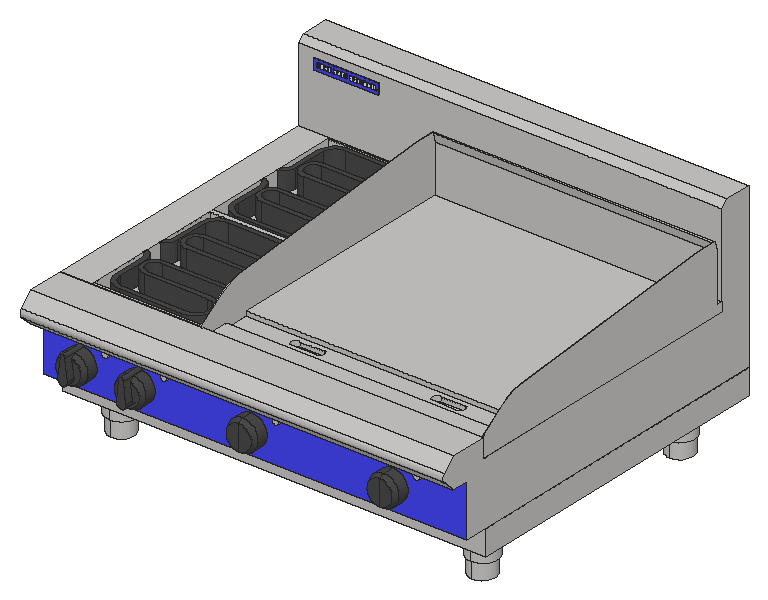
Revit family "QF_MOFFAT_BLUESEAL_CE_E516B-B", category Specialty Equipment, Revit 2012 (continued)
Definition of nested family "ELECTRIC BURNER & GRIDDLE 900"
  Definition of nested family "ELECTRIC GRIDDLE PLATE 300"
    Lines and regions (mm)
      symbolic lines
        curve 2: line (1.8, -557.737, 0) -> (598.8, -557.737, 0)
        curve 3: line (1.8, -1.68, 0) -> (598.8, -1.68, 0)
        curve 4: line (598.8, -1.68, 0) -> (598.8, -620, 0)
        curve 5: line (1.8, -620, 0) -> (1.8, -1.68, 0)
        curve 6: line (1.8, -620, 0) -> (598.8, -620, 0)
        curve 7: line (125, -514, 0) -> (175, -514, 0)
        curve 8: arc (175, -514, 0) -> (185, -524, 0) -> (175, -534, 0) r 10
        curve 9: line (175, -534, 0) -> (125, -534, 0)
        curve 10: arc (125, -534, 0) -> (115, -524, 0) -> (125, -514, 0) r 10
        curve 11: line (425, -514, 0) -> (475, -514, 0)
        curve 12: arc (475, -514, 0) -> (485, -524, 0) -> (475, -534, 0) r 10
        curve 13: line (475, -534, 0) -> (425, -534, 0)
        curve 14: arc (425, -534, 0) -> (415, -524, 0) -> (425, -514, 0) r 10
    Dimensions and locks
      equal spacing: plane 3 "LEFT", plane 7 "Center Y", plane 4 "RIGHT"
      "Width": plane 3 "LEFT" to plane 4 "RIGHT"
      equal spacing: plane 5 "FRONT", plane 8 "Center X", plane 1 "BACK"
      "Depth": plane 5 "FRONT" to plane 1 "BACK"
      locked: Extrusion 2 to Extrusion 2 at 1.2
      aligned and locked: level to plane 2
      aligned and locked: Extrusion 2 to plane 4 "RIGHT"
      aligned and locked: curve 1 to plane 11
      aligned and locked: plane 12 to curve 2
      aligned and locked: Extrusion 5 to cut or joined group of Extrusion 1, Extrusion 2, Extrusion 3, Extrusion 4, Extrusion 5
      aligned and locked: cut or joined group of Extrusion 1, Extrusion 2, Extrusion 3, Extrusion 4, Extrusion 5 to plane 4 "RIGHT"
    Automatic sketch dimensions
      plane 5 "FRONT" to curve 6 = 0.0 mm
      plane 3 "LEFT" to curve 6 = 1.8 mm
      plane 4 "RIGHT" to curve 4 = 1.2 mm
      plane 1 "BACK" to curve 3 = 1.68 mm
      Extrusion 1 sketch curve to plane 5 "FRONT" = 0.0 mm
      Extrusion 1 sketch curve to plane 6 "TOP" = 0.0 mm
      plane 12 to Extrusion 1 sketch curve = 9.566 mm
      plane 11 to Extrusion 1 sketch curve = 16.28 mm
      Extrusion 1 sketch curve to level = 2.516 mm
      plane 11 to Extrusion 1 sketch curve = 6.695 mm
      plane 1 "BACK" to Extrusion 1 sketch curve = 47.237 mm
      plane 1 "BACK" to Extrusion 1 sketch curve = 5.225 mm
      Extrusion 1 sketch curve to plane 1 "BACK" = 0.003 mm
      level to Extrusion 1 sketch curve = 0.5 mm
      Extrusion 1 sketch curve to Extrusion 1 sketch curve = 42.0 mm
      Extrusion 1 sketch curve to plane 6 "TOP" = 63.101 mm
      Extrusion 1 sketch curve to plane 6 "TOP" = 19.511 mm
      Extrusion 2 sketch curve to plane 6 "TOP" = 0.0 mm
      Extrusion 2 sketch curve to plane 5 "FRONT" = 0.0 mm
      plane 12 to Extrusion 2 sketch curve = 9.566 mm
      plane 11 to Extrusion 2 sketch curve = 16.28 mm
      Extrusion 2 sketch curve to level = 2.516 mm
      plane 11 to Extrusion 2 sketch curve = 6.695 mm
      plane 1 "BACK" to Extrusion 2 sketch curve = 47.237 mm
      plane 1 "BACK" to Extrusion 2 sketch curve = 5.225 mm
      Extrusion 2 sketch curve to plane 1 "BACK" = 0.003 mm
      level to Extrusion 2 sketch curve = 0.5 mm
      Extrusion 2 sketch curve to Extrusion 2 sketch curve = 42.0 mm
      Extrusion 2 sketch curve to plane 6 "TOP" = 63.101 mm
      Extrusion 2 sketch curve to plane 6 "TOP" = 19.511 mm
      Extrusion 3 sketch curve to plane 5 "FRONT" = 0.0 mm
      Extrusion 3 sketch curve to plane 12 = 0.0 mm
      Extrusion 3 sketch curve to plane 11 = 0.0 mm
      Extrusion 3 sketch curve to plane 1 "BACK" = 15.003 mm
      level to Extrusion 3 sketch curve = 0.5 mm
      level to Extrusion 3 sketch curve = 10.0 mm
      Extrusion 3 sketch curve to Extrusion 3 sketch curve = 10.5 mm  (x2)
      plane 1 "BACK" to Extrusion 5 sketch curve = 5.225 mm
      Extrusion 5 sketch curve to plane 1 "BACK" = 0.003 mm
      Extrusion 5 sketch curve to plane 6 "TOP" = 19.511 mm
      Extrusion 5 sketch curve to Extrusion 5 sketch curve = 1.6 mm
      Extrusion 5 sketch curve to Extrusion 5 sketch curve = 0.211 mm
      Extrusion 5 sketch curve to plane 6 "TOP" = 0.0 mm
      Extrusion 5 sketch curve to Extrusion 5 sketch curve = 1.656 mm
      level to Extrusion 5 sketch curve = 0.5 mm
      plane 11 to Extrusion 4 sketch curve = 10.75 mm  (x2)
      Extrusion 4 sketch curve to Extrusion 4 sketch curve = 10.0 mm  (x2)
      plane 3 "LEFT" to Extrusion 4 sketch curve = 125.0 mm
      Extrusion 4 sketch curve to Extrusion 4 sketch curve = 50.0 mm  (x2)
      plane 7 "Center Y" to Extrusion 4 sketch curve = 125.0 mm
      plane 11 to curve 10 = 10.75 mm
      curve 1 to curve 10 = 123.2 mm
      curve 9 to plane 12 = 23.737 mm
      curve 9 to curve 9 = 50.0 mm
      plane 11 to curve 14 = 10.75 mm
      plane 7 "Center Y" to curve 14 = 125.0 mm
      curve 13 to plane 12 = 23.737 mm
      curve 13 to curve 13 = 50.0 mm
